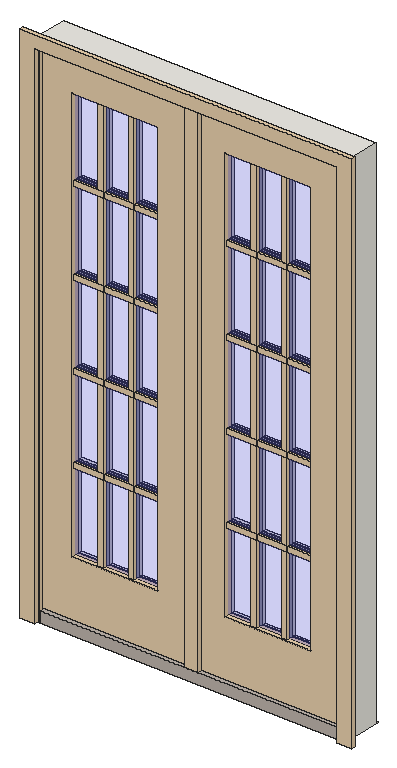
Revit family "Door-Inswing-Andersen-400_Series-Double 3", category Doors, host Wall, Revit 2013 (continued)
Automatic sketch dimensions
  curve 311 to curve 309 = 0' - 0 3/4"
  curve 309 to curve 317 = 0' - 0 1/8"
  curve 315 to plane 64 "Glass1 S2" = 0' - 0.08324"
  curve 315 to plane 58 "L Stop" = 0' - 0.25865"
  plane 42 "L Panel" to curve 304 = 0' - 0.58946"
  plane 42 "L Panel" to curve 305 = 0' - 0.00018"
  curve 316 to plane 71 "R of Right Panel" = 0' - 0.0058"
  curve 308 to plane 62 "Glass1 S1" = 0' - 0.00025"
  curve 408 to curve 307 = 0' - 0 3/32"
  curve 305 to host wall = 0' - 0 1/32"
  curve 318 to curve 316 = 0' - 0.01076"
  Masking region 1 sketch curve to plane 53 "Frame S1" = 0' - 0"
  Masking region 3 sketch curve to plane 53 "Frame S1" = 0' - 0"
  Masking region 4 sketch curve to plane 53 "Frame S1" = 0' - 0"
  Masking region 5 sketch curve to plane 53 "Frame S1" = 0' - 0"
  profile plane to Sweep 7 sketch curve = 0' - 1.61"
  Sweep 7 sketch curve to plane 10 "Flange" = 0' - 2.7805"
  Sweep 7 sketch curve to plane 10 "Flange" = 0' - 0.04984"
  Sweep 7 sketch curve to Sweep 7 sketch curve = 0' - 0 11/32"
  Sweep 7 sketch curve to Sweep 7 sketch curve = 0' - 1.13732"
  Sweep 7 sketch curve to Sweep 7 sketch curve = 0' - 0.15518"
  plane 10 "Flange" to Sweep 7 sketch curve = 0' - 0.19085"
  Sweep 8 sketch curve to level = 0' - 0"  (x2)
  curve 31 to plane 35 "R Ext Frame" = 0' - 0"
  curve 31 to plane 53 "Frame S1" = 0' - 0"
  curve 5 to plane 3 "R Frame" = 0' - 0"
  curve 31 to plane 3 "R Frame" = 0' - 0"
  curve 5 to plane 16 "R Casing 1" = 0' - 0 1/8"
  Sweep 9 sketch curve to profile plane = 0' - 0.17176"
  Sweep 9 sketch curve to plane 10 "Flange" = 0' - 2.7805"
  plane 10 "Flange" to Sweep 9 sketch curve = 0' - 0.0005"
  Sweep 9 sketch curve to profile plane = 0' - 0 1/4"
  Sweep 9 sketch curve to Sweep 9 sketch curve = 0' - 0.516"
  Sweep 9 sketch curve to Sweep 9 sketch curve = 0' - 0.71574"
  Sweep 9 sketch curve to Sweep 9 sketch curve = 0' - 0.4845"
  Sweep 9 sketch curve to Sweep 9 sketch curve = 0' - 0.406"
  curve 303 to plane 61 "Sill Height" = 0' - 0"
  curve 303 to plane 44 "T Panel" = 0' - 0"
  curve 13 to plane 41 "T Ext Frame" = 0' - 0"
  plane 25 "L Casing 1" to curve 11 = 0' - 0 1/8"
  curve 8 to level = 0' - 0"
  curve 11 to level = 0' - 0"
  curve 9 to level = 0' - 0"
  curve 10 to plane 16 "R Casing 1" = 0' - 0 1/8"
  plane 28 "T Casing 1" to curve 12 = 0' - 0 1/8"
  level to curve 10 = 0' - 0.04794"
  profile plane to Sweep 12 sketch curve = 0' - 8 5/8"
  profile plane to Sweep 15 sketch curve = 0' - 0.297"
  Sweep 15 sketch curve to plane 10 "Flange" = 0' - 2.81175"
  Split face 1 sketch curve to Sweep 10 = 0' - 0"  (x2)
  Sweep 8 to Split face 2 sketch curve = 0' - 0"  (x2)
  Split face 3 sketch curve to Sweep 8 = 0' - 0"  (x2)
  Split face 4 sketch curve to Sweep 8 = 0' - 0"
  Sweep 8 to Split face 4 sketch curve = 0' - 0"
  plane 4 "L Frame" to Sweep 17 sketch curve = 0' - 0"
  Sweep 17 sketch curve to plane 45 "B Panel" = 0' - 0"
  Sweep 17 sketch curve to plane 44 "T Panel" = 0' - 0"
  Sweep 17 sketch curve to plane 10 "Flange" = 0' - 4 3/32"  (x2)
  Sweep 17 sketch curve to Sweep 17 sketch curve = 0' - 1 5/16"  (x2)
  plane 46 "B Glazing" to Sweep 18 sketch curve = 0' - 2.16947"
  Sweep 21 sketch curve to profile plane = 0' - 0.297"
  Sweep 22 sketch curve to level = 0' - 0"
  Sweep 22 sketch curve to plane 50 "Panel1 S1" = 0' - 0.64574"  (x2)
  Sweep 22 to Split face 5 sketch curve = 0' - 0"  (x2)
  Split face 5 sketch curve to Sweep 22 = 0' - 0.469"
  curve 6 to level = 0' - 0"
  curve 7 to level = 0' - 0"
  curve 7 to plane 61 "Sill Height" = 0' - 0"
  curve 6 to plane 61 "Sill Height" = 0' - 0"
  cut or joined group of Sweep 8, Sweep 23 to Split face 6 sketch curve = 0' - 0"  (x2)
  cut or joined group of Sweep 8, Sweep 23 to Split face 7 sketch curve = 0' - 0"  (x2)
  Sweep 24 sketch curve to profile plane = 0' - 0.17176"
  Sweep 24 sketch curve to plane 10 "Flange" = 0' - 2.7805"
  plane 10 "Flange" to Sweep 24 sketch curve = 0' - 0.0005"
  Sweep 24 sketch curve to profile plane = 0' - 0 1/4"
  Sweep 24 sketch curve to Sweep 24 sketch curve = 0' - 0.516"
  Sweep 24 sketch curve to Sweep 24 sketch curve = 0' - 0.71574"
  Sweep 24 sketch curve to Sweep 24 sketch curve = 0' - 0.4845"
  Sweep 24 sketch curve to Sweep 24 sketch curve = 0' - 0.406"
  Sweep 25 sketch curve to plane 10 "Flange" = 0' - 2.7805"
  Sweep 25 sketch curve to Sweep 25 sketch curve = 0' - 0.57875"  (x2)
  Sweep 25 sketch curve to plane 10 "Flange" = 0' - 1.051"
  Sweep 25 sketch curve to Sweep 25 sketch curve = 0' - 0 11/16"
  Sweep 25 sketch curve to Sweep 25 sketch curve = 0' - 0.437"
  Sweep 25 sketch curve to Sweep 25 sketch curve = 0' - 0.15518"
  Sweep 25 sketch curve to plane 10 "Flange" = 0' - 0.04984"
  plane 10 "Flange" to Sweep 25 sketch curve = 0' - 0.19085"
Nested families (in)
  nested 1: "Andersen Grille Bar" at (11.76172, -2.21875, 42.4375) x (-1, 0, 0) z (0, 1, 0), Bar Width <- "Grille Bar Size", Bar Length <- "TS V Bar Length", visible <- "TS S V", type "Andersen Grille Bar"
    with Glass / 2 0' - 0 3/16", Glass 0' - 0 3/4", Center Line Length 5' - 3 7/8", Center Line 2, Bar Width 0' - 0 7/8", Bar Length 5' - 3 7/8"
  nested 2: "Andersen Grille Bar" at (-9.41927, -2.21875, 42.4375) x (-1, 0, 0) z (0, 1, 0), Bar Width <- "Grille Bar Size", Bar Length <- "TS V Bar Length", visible <- "TS M V", type "Andersen Grille Bar"
    with Glass / 2 0' - 0 3/16", Glass 0' - 0 3/4", Center Line Length 5' - 3 7/8", Center Line 2, Bar Width 0' - 0 7/8", Bar Length 5' - 3 7/8"
  nested 3: "Andersen Grille Bar" at (-11.77344, -2.21875, 42.4375) x (0, 0, 1) z (0, 1, 0), Bar Width <- "Grille Bar Size", visible <- "TS S H Craftsman", Bar Length <- "H DLO", type "Andersen Grille Bar"
    with Glass / 2 0' - 0 3/16", Glass 0' - 0 3/4", Center Line Length 1' - 1 1/4", Center Line 2, Bar Width 0' - 0 7/8", Bar Length 1' - 1 1/4"
  nested 4: "Andersen Grille Bar" at (-11.77344, -2.21875, 42.4375) x (0, 0, 1) z (0, 1, 0), Bar Width <- "Grille Bar Size", visible <- "TS S H", Bar Length <- "H DLO", type "Andersen Grille Bar"
    with Glass / 2 0' - 0 3/16", Glass 0' - 0 3/4", Center Line Length 1' - 1 1/4", Center Line 2, Bar Width 0' - 0 7/8", Bar Length 1' - 1 1/4"
  nested 5: "Andersen Grille Bar" at (-14.10417, -2.21875, 42.4375) x (-1, 0, 0) z (0, 1, 0), Bar Width <- "Grille Bar Size", Bar Length <- "TS V Bar Length", visible <- "TS M V", type "Andersen Grille Bar"
    with Glass / 2 0' - 0 3/16", Glass 0' - 0 3/4", Center Line Length 5' - 3 7/8", Center Line 2, Bar Width 0' - 0 7/8", Bar Length 5' - 3 7/8"
  nested 6: "Andersen Grille Bar" at (-11.77344, -2.21875, 61.8625) x (0, 0, 1) z (0, 1, 0), Bar Width <- "Grille Bar Size", visible <- "TS M H", Bar Length <- "H DLO", type "Andersen Grille Bar"
    with Glass / 2 0' - 0 3/16", Glass 0' - 0 3/4", Center Line Length 1' - 1 1/4", Center Line 2, Bar Width 0' - 0 7/8", Bar Length 1' - 1 1/4"
  nested 7: "Andersen Grille Bar" at (-11.77344, -2.21875, 23.0125) x (0, 0, 1) z (0, 1, 0), Bar Width <- "Grille Bar Size", visible <- "TS M H", Bar Length <- "H DLO", type "Andersen Grille Bar"
    with Glass / 2 0' - 0 3/16", Glass 0' - 0 3/4", Center Line Length 1' - 1 1/4", Center Line 2, Bar Width 0' - 0 7/8", Bar Length 1' - 1 1/4"
  nested 8: "Andersen Grille Bar" at (-11.76172, -2.21875, 42.4375) x (1, 0, 0) z (0, 1, 0), Bar Width <- "Grille Bar Size", Bar Length <- "TS V Bar Length", visible <- "TS S V", type "Andersen Grille Bar"
    with Glass / 2 0' - 0 3/16", Glass 0' - 0 3/4", Center Line Length 5' - 3 7/8", Center Line 2, Bar Width 0' - 0 7/8", Bar Length 5' - 3 7/8"
  nested 9: "Andersen Grille Bar" at (-9.58594, -2.21875, 42.4375) x (-1, 0, 0) z (0, 1, 0), Bar Width <- "Grille Bar Size", Bar Length <- "TS V Bar Length", visible <- "TS M V", type "Andersen Grille Bar", not visible
    with Glass / 2 0' - 0 3/16", Glass 0' - 0 3/4", Center Line Length 5' - 3 7/8", Center Line 2, Bar Width 0' - 0 7/8", Bar Length 5' - 3 7/8"
  nested 10: "Andersen Grille Bar" at (-18.02344, -2.21875, 69.9375) x (0, 0, 1) z (0, 1, 0), Bar Width <- "Grille Bar Size", visible <- "TS M H", Bar Length <- "H DLO", type "Andersen Grille Bar", not visible
    with Glass / 2 0' - 0 3/16", Glass 0' - 0 3/4", Center Line Length 1' - 1 1/4", Center Line 2, Bar Width 0' - 0 7/8", Bar Length 1' - 1 1/4"
  nested 11: "Andersen Grille Bar" at (11.75, -2.21875, 42.4375) x (0, 0, 1) z (0, 1, 0), Bar Width <- "Grille Bar Size", visible <- "TS S H", Bar Length <- "H DLO", type "Andersen Grille Bar"
    with Glass / 2 0' - 0 3/16", Glass 0' - 0 3/4", Center Line Length 1' - 1 1/4", Center Line 2, Bar Width 0' - 0 7/8", Bar Length 1' - 1 1/4"
  nested 12: "Andersen Grille Bar" at (11.75, -2.21875, 42.4375) x (0, 0, 1) z (0, 1, 0), Bar Width <- "Grille Bar Size", visible <- "TS S H Craftsman", Bar Length <- "H DLO", type "Andersen Grille Bar"
    with Glass / 2 0' - 0 3/16", Glass 0' - 0 3/4", Center Line Length 1' - 1 1/4", Center Line 2, Bar Width 0' - 0 7/8", Bar Length 1' - 1 1/4"
  nested 13: "Andersen Grille Bar" at (9.41927, -2.21875, 42.4375) x (-1, 0, 0) z (0, 1, 0), Bar Width <- "Grille Bar Size", Bar Length <- "TS V Bar Length", visible <- "TS M V", type "Andersen Grille Bar"
    with Glass / 2 0' - 0 3/16", Glass 0' - 0 3/4", Center Line Length 5' - 3 7/8", Center Line 2, Bar Width 0' - 0 7/8", Bar Length 5' - 3 7/8"
  nested 14: "Andersen Grille Bar" at (11.75, -2.21875, 61.8625) x (0, 0, 1) z (0, 1, 0), Bar Width <- "Grille Bar Size", visible <- "TS M H", Bar Length <- "H DLO", type "Andersen Grille Bar"
    with Glass / 2 0' - 0 3/16", Glass 0' - 0 3/4", Center Line Length 1' - 1 1/4", Center Line 2, Bar Width 0' - 0 7/8", Bar Length 1' - 1 1/4"
  nested 15: "Andersen Grille Bar" at (11.75, -2.21875, 23.0125) x (0, 0, 1) z (0, 1, 0), Bar Width <- "Grille Bar Size", visible <- "TS M H", Bar Length <- "H DLO", type "Andersen Grille Bar"
    with Glass / 2 0' - 0 3/16", Glass 0' - 0 3/4", Center Line Length 1' - 1 1/4", Center Line 2, Bar Width 0' - 0 7/8", Bar Length 1' - 1 1/4"
  nested 16: "Andersen Grille Bar" at (14.10417, -2.21875, 42.4375) x (-1, 0, 0) z (0, 1, 0), Bar Width <- "Grille Bar Size", Bar Length <- "TS V Bar Length", visible <- "TS M V", type "Andersen Grille Bar"
    with Glass / 2 0' - 0 3/16", Glass 0' - 0 3/4", Center Line Length 5' - 3 7/8", Center Line 2, Bar Width 0' - 0 7/8", Bar Length 5' - 3 7/8"
  nested 17: "Andersen Grille Bar" at (-11.77344, -2.21875, 48.9125) x (0, 0, 1) z (0, 1, 0), Bar Width <- "Grille Bar Size", visible <- "TS M H", Bar Length <- "H DLO", type "Andersen Grille Bar"
    with Glass / 2 0' - 0 3/16", Glass 0' - 0 3/4", Center Line Length 1' - 1 1/4", Center Line 2, Bar Width 0' - 0 7/8", Bar Length 1' - 1 1/4"
  nested 18: "Andersen Grille Bar" at (-11.77344, -2.21875, 35.9625) x (0, 0, 1) z (0, 1, 0), Bar Width <- "Grille Bar Size", visible <- "TS M H", Bar Length <- "H DLO", type "Andersen Grille Bar"
    with Glass / 2 0' - 0 3/16", Glass 0' - 0 3/4", Center Line Length 1' - 1 1/4", Center Line 2, Bar Width 0' - 0 7/8", Bar Length 1' - 1 1/4"
  nested 19: "Andersen Grille Bar" at (11.75, -2.21875, 48.9125) x (0, 0, 1) z (0, 1, 0), Bar Width <- "Grille Bar Size", visible <- "TS M H", Bar Length <- "H DLO", type "Andersen Grille Bar"
    with Glass / 2 0' - 0 3/16", Glass 0' - 0 3/4", Center Line Length 1' - 1 1/4", Center Line 2, Bar Width 0' - 0 7/8", Bar Length 1' - 1 1/4"
  nested 20: "Andersen Grille Bar" at (11.75, -2.21875, 35.9625) x (0, 0, 1) z (0, 1, 0), Bar Width <- "Grille Bar Size", visible <- "TS M H", Bar Length <- "H DLO", type "Andersen Grille Bar"
    with Glass / 2 0' - 0 3/16", Glass 0' - 0 3/4", Center Line Length 1' - 1 1/4", Center Line 2, Bar Width 0' - 0 7/8", Bar Length 1' - 1 1/4"
Definition of nested family "Andersen Grille Bar"
  Parameters (values of type "Andersen Grille Bar")
    Interior Bar Visibility = yes
    Interior Bar Material = none
    Glass / 2 [instance] = (Glass / 2) - 0' 0 3/16"  # 0' - 0 1/8"
    Glass [instance] = 0' - 0 5/8"
    Exterior Bar Visibility = yes
    Exterior Bar Finish = none
    Default Elevation = 4' - 0"
    Center Line Length [instance] = if(Center Line = 1, Bar Length + (Bar Width / 2), Bar Length)  # 0' - 4 7/16"
    Center Line [instance] = 1
    Between Glass Bar Visibility = yes
    Between Glass Bar Finish = none
    Bar Width [instance] = 0' - 0 7/8"
    Bar Length [instance] = 0' - 4"
  Reference planes (in)
    plane 1 "Center (Front/Back)": y = 0
    plane 2 "a": z = 0
    plane 3 "Center (Left/Right)": x = 0
    plane 4 "1": x = -0.4375
    plane 5 "2": x = 0.4375
    plane 6: y = 2
    plane 7: y = -2
    plane 8 "b": z = -0.625
    plane 9: z = -0.125
    plane 10: y = -2.4375
    plane 11 "a1": z = 12
    plane 12 "a2": z = -12
  Forms (in)
    Extrusion 1, solid
      sketch origin (0, 0, 0) x (1, 0, 0) y (0, 1, 0)
        loop
          line (-48, 48) -> (-48, -48) -> (48, -48) -> (48, 48) -> (-48, 48)
      from 0 to -12
    Extrusion 2, solid, material <- "Exterior Bar Finish", visible <- "Exterior Bar Visibility", detail levels fine
      sketch origin (0, 0, 0) x (1, 0, 0) y (0, 1, 0)
        loop
          line (-0.4375, 2) -> (-0.4375, -2) -> (0.4375, -2) -> (0.4375, 2) -> (-0.4375, 2)
      from 0 to 0.375
    Extrusion 3, solid, material <- "Between Glass Bar Finish", visible <- "Between Glass Bar Visibility", detail levels fine
      sketch origin (0, 0, 0) x (1, 0, 0) y (0, 1, 0)
        loop
          line (-0.4375, 2) -> (-0.4375, -2) -> (0.4375, -2) -> (0.4375, 2) -> (-0.4375, 2)
      from -0.5 to -0.125
    Extrusion 4, solid, material <- "Interior Bar Material", visible <- "Interior Bar Visibility", detail levels fine
      sketch origin (0, 0, 0) x (1, 0, 0) y (0, 1, 0)
        loop
          line (-0.4375, 2) -> (-0.4375, -2) -> (0.4375, -2) -> (0.4375, 2) -> (-0.4375, 2)
      from -1 to -0.625
  Lines and regions (in)
    model lines, style "GenericModel", detail levels coarse+medium
      curve 1: line (0, 2, 0) -> (0, -2.4375, 0)
    symbolic lines, style "GenericModel", detail levels coarse+medium
      curve 2: line (0, 2, 12) -> (0, -2.4375, 12)
      curve 3: line (0, 2, -12) -> (0, -2.4375, -12)
    model lines, style "InvisibleLines", not visible, detail levels coarse
      curve 4: line (0, 0, 12) -> (0, 0, -12)
    symbolic lines, detail levels fine
      curve 5: line (-0.4375, 2, 0) -> (-0.4375, -2, 0)
      curve 6: line (0.4375, 2, 0) -> (0.4375, -2, 0)
  Dimensions and locks (in)
    "Glass": plane 2 "a" to plane 8 "b"
    "Glass / 2": plane 2 "a" to plane 9
    locked: Extrusion 2 to Extrusion 2 at 0.375
    locked: plane 9 to Extrusion 3 at 0.375
    locked: plane 8 "b" to Extrusion 4 at 0.375
    equal spacing: plane 4 "1", plane 3 "Center (Left/Right)", plane 5 "2"
    equal spacing: plane 6, plane 1 "Center (Front/Back)", plane 7
    "Bar Width": plane 4 "1" to plane 5 "2"
    "Bar Length": plane 6 to plane 7
    "Center Line Length": plane 6 to plane 10
    locked: plane 11 "a1" to plane 2 "a" at 12
    locked: plane 2 "a" to plane 12 "a2" at 12
    aligned and locked: plane 2 "a" to Extrusion 1
    aligned and locked: level to Extrusion 1
    aligned and locked: Extrusion 2 to plane 2 "a"
    aligned and locked: Extrusion 2 to plane 4 "1"
    aligned and locked: plane 5 "2" to Extrusion 2
    aligned and locked: plane 6 to Extrusion 2
    aligned and locked: Extrusion 2 to plane 7
    aligned and locked: plane 9 to Extrusion 3
    aligned and locked: Extrusion 3 to plane 4 "1"
    aligned and locked: plane 5 "2" to Extrusion 3
    aligned and locked: plane 6 to Extrusion 3
    aligned and locked: Extrusion 3 to plane 7
    aligned and locked: plane 8 "b" to Extrusion 4
    aligned and locked: Extrusion 4 to plane 4 "1"
    aligned and locked: plane 5 "2" to Extrusion 4
    aligned and locked: plane 6 to Extrusion 4
    aligned and locked: Extrusion 4 to plane 7
    aligned and locked: plane 6 to curve 1
    aligned and locked: plane 10 to curve 1
    aligned and locked: curve 1 to plane 3 "Center (Left/Right)"
    aligned and locked: plane 6 to curve 2
    aligned and locked: plane 10 to curve 2
    aligned and locked: curve 2 to plane 3 "Center (Left/Right)"
    aligned and locked: plane 6 to curve 3
    aligned and locked: plane 10 to curve 3
    aligned and locked: curve 3 to plane 3 "Center (Left/Right)"
    aligned and locked: plane 11 "a1" to curve 4
    aligned and locked: plane 12 "a2" to curve 4
    aligned and locked: curve 4 to plane 1 "Center (Front/Back)"
    aligned and locked: plane 6 to curve 5
    aligned and locked: plane 6 to curve 6
    aligned and locked: plane 7 to curve 6
    aligned and locked: plane 7 to curve 5
    aligned and locked: curve 5 to plane 4 "1"
    aligned and locked: curve 6 to plane 5 "2"
  Automatic sketch dimensions
    Extrusion 1 sketch curve to Extrusion 1 sketch curve = 8' - 0"  (x2)
    plane 7 to Extrusion 2 sketch curve = 0' - 0"
    Extrusion 2 sketch curve to plane 5 "2" = 0' - 0 7/8"
    Extrusion 2 sketch curve to plane 6 = 0' - 0"
    Extrusion 2 sketch curve to Extrusion 2 sketch curve = 0' - 0 7/8"
    plane 7 to Extrusion 3 sketch curve = 0' - 0"
    Extrusion 3 sketch curve to plane 5 "2" = 0' - 0 7/8"
    Extrusion 3 sketch curve to plane 6 = 0' - 0"
    Extrusion 3 sketch curve to Extrusion 3 sketch curve = 0' - 0 7/8"
    Extrusion 4 sketch curve to plane 7 = 0' - 0"
    Extrusion 4 sketch curve to plane 5 "2" = 0' - 0 7/8"
    Extrusion 4 sketch curve to plane 6 = 0' - 0"
    Extrusion 4 sketch curve to Extrusion 4 sketch curve = 0' - 0 7/8"
